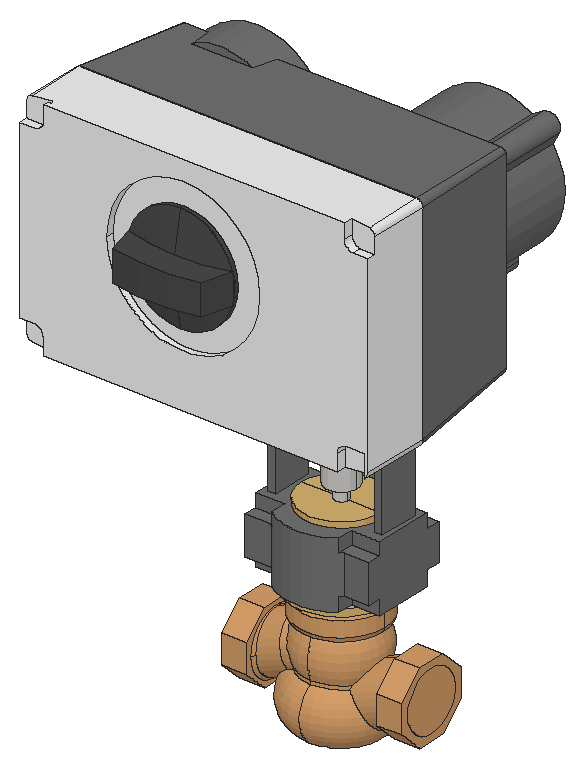
Revit family "VRB2_DN15-50_Internal_AMV(E) 438 SU_RFA_1", category Pipe Accessories, Revit 2019 (continued)
Definition of nested family "Schematic_2-Way Valve"
  Parameters (values of type "Schematic_2-Way Valve")
    L_1 = L / 3  # 53.333 mm
    L = 160 mm
    H = 136.8 mm
    D1 = 46.2 mm
  Reference planes
    plane 1 "Center (Front/Back)": y = 0
    plane 2: z = 0
    plane 3 "Center (Left/Right)": x = 0
    plane 4: z = 23.1
    plane 5: z = -23.1
    plane 6: x = -80
    plane 7: x = 80
    plane 8: x = 23.1
    plane 9: x = -23.1
    plane 10: y = 23.1
    plane 11: y = -23.1
    plane 12: z = 136.8
    plane 13: z = 83.467
    plane 14: x = 26.667
    plane 15: x = -26.667
    plane 16: y = 136.8
    plane 17: y = 83.467
  Lines and regions (mm)
    model lines
      curve 1: line (0, 0, 0) -> (80, 0, 23.1)
      curve 2: line (80, 0, 23.1) -> (80, 0, -23.1)
      curve 3: line (80, 0, -23.1) -> (0, 0, 0)
      curve 4: line (0, 0, 0) -> (-80, 0, 23.1)
      curve 5: line (-80, 0, 23.1) -> (-80, 0, -23.1)
      curve 6: line (-80, 0, -23.1) -> (0, 0, 0)
      curve 13: line (0, 0, 83.467) -> (0, 0, 0)
      curve 14: line (-26.667, 0, 136.8) -> (26.667, 0, 136.8)
      curve 15: line (-26.667, 0, 83.467) -> (-26.667, 0, 136.8)
      curve 16: line (26.667, 0, 83.467) -> (-26.667, 0, 83.467)
      curve 17: line (26.667, 0, 136.8) -> (26.667, 0, 83.467)
    symbolic lines
      curve 7: line (0, 0, 0) -> (80, 23.1, 0)
      curve 8: line (80, 23.1, 0) -> (80, -23.1, 0)
      curve 9: line (80, -23.1, 0) -> (0, 0, 0)
      curve 10: line (0, 0, 0) -> (-80, 23.1, 0)
      curve 11: line (-80, 23.1, 0) -> (-80, -23.1, 0)
      curve 12: line (-80, -23.1, 0) -> (0, 0, 0)
      curve 18: line (-26.667, 136.8, 0) -> (26.667, 136.8, 0)
      curve 19: line (-26.667, 83.467, 0) -> (-26.667, 136.8, 0)
      curve 20: line (26.667, 83.467, 0) -> (-26.667, 83.467, 0)
      curve 21: line (26.667, 136.8, 0) -> (26.667, 83.467, 0)
      curve 22: line (0, 0, 0) -> (0, 83.467, 0)
  Dimensions and locks
    "D1": plane 4 to plane 5
    equal spacing: plane 4, level, plane 5
    "D1": plane 8 to plane 9
    equal spacing: plane 8, plane 3 "Center (Left/Right)", plane 9
    plane 9 to plane 8 = 46.2 mm
    equal spacing: plane 9, plane 3 "Center (Left/Right)", plane 8
    "D1": plane 11 to plane 10
    equal spacing: plane 11, plane 1 "Center (Front/Back)", plane 10
    "L_1": plane 12 to plane 13
    "H": plane 12 to level
    "L_1": plane 14 to plane 15
    equal spacing: plane 14, plane 3 "Center (Left/Right)", plane 15
    "H": plane 1 "Center (Front/Back)" to plane 16
    "L_1": plane 17 to plane 16
    equal spacing: plane 15, plane 3 "Center (Left/Right)", plane 14
    plane 15 to plane 14 = 53.333 mm
    equal spacing: plane 7, plane 3 "Center (Left/Right)", plane 6
    "L": plane 7 to plane 6
    aligned and locked: level to plane 2
    aligned and locked: curve 2 to plane 7
    aligned and locked: curve 5 to plane 6
    aligned and locked: level to curve 13
    aligned and locked: curve 14 to plane 12
    aligned and locked: plane 15 to curve 15
    aligned and locked: curve 17 to plane 14
    aligned and locked: plane 17 to curve 22
    aligned and locked: plane 13 to curve 13
  Automatic sketch dimensions
    curve 10 to plane 6 = 0 mm
    curve 20 to plane 15 = 0 mm
    plane 1 "Center (Front/Back)" to curve 12 = 0 mm
    curve 12 to plane 3 "Center (Left/Right)" = 0 mm
    curve 18 to plane 14 = 0 mm
    curve 9 to plane 7 = 0 mm
    plane 11 to curve 9 = 0 mm
    plane 11 to curve 12 = 0 mm
    plane 10 to curve 10 = 0 mm
    plane 10 to curve 8 = 0 mm
    plane 16 to curve 18 = 0 mm
    curve 3 to plane 3 "Center (Left/Right)" = 0 mm
    curve 3 to plane 5 = 0 mm
    curve 6 to plane 5 = 0 mm
    curve 2 to plane 4 = 0 mm
    curve 4 to plane 4 = 0 mm
Types (10, lengths in mm): name | W2A | R_200 | L | Hmain | Ha | H_6 | H_10 | H_T2 | H_T1 | L_thread | H_5 | L_thread3 | Weight | W3B | W3A | W2 | W1 | V1 | H_9 | H_8 | L1 | Stroke | R1 | R3 | R_Flow Pipe | NT | L_thread2 | N1 | Model Type | Model | LM | LL | Kvs | H_Body Bottom | HT_Flow pipe | H_2_ve | H_2 | H_Body Top | HB_Flow Pipe | H1 | H_1 | H | D1 | D4 | D3 | D2 | D | NT1 | A2_Flow Pipe | A1_Flow pipe
  VRB2_DN32_Internal_Kvs16_065Z0238 | 18 | 29.8 | 112 | 95.3 | 226.5 | -33 | 0 | 5.5 | 6.5 | 11.5 | 30 | 27.5 | 1.43 kg | 20 | 12 | 12 | 26 | no | -5 | 8 | 12.5 | "15 mm" | 27 | 27 | 24 | 11.2 | 55 | 23 | "VRB2_DN32_Internal_Kvs16" | "065Z0238" | 87 | 56 | 16.0 m³/h | 33 | 6 | -24 | 24 | 28.5 | 5 | 75 | 42 | 259.5 | 58 | 45 | 52 | 42 | 32 | 9.699 | 165.00° | 163.00°
  VRB2_DN25_Internal_Kvs10_065Z0237 | 13 | 25 | 95 | 90.8 | 221.5 | -18 | 1.5 | 5.5 | 7 | 10 | 25 | 23 | 0.98 kg | 14 | 11 | 13 | 21 | no | -5 | 9 | 12 | "10 mm" | 21 | 23 | 19 | 11.25 | 46 | 20 | "VRB2_DN25_Internal_Kvs10" | "065Z0237" | 75 | 47.5 | 10.0 m³/h | 29 | 6 | -23.5 | 23.5 | 26 | 6 | 49.5 | 37 | 250.5 | 48 | 33.6 | 39.6 | 33.6 | 25 | 9.743 | 160.00° | 160.00°
  VRB2_DN20_Internal_Kvs6.3_065Z0236 | 13 | 22 | 80 | 87.3 | 219.5 | -15 | 0 | 5.3 | 5.5 | 8.5 | 22 | 20.5 | 0.77 kg | 10 | 9 | 13 | 18 | no | -5 | 10 | 12 | "10 mm" | 15.5 | 20.5 | 16.5 | 11.25 | 41 | 17 | "VRB2_DN20_Internal_Kvs6.3" | "065Z0236" | 56 | 40 | 6.3 m³/h | 29 | 4 | -24.5 | 24.5 | 25 | 6.314 | 44.5 | 35 | 248.5 | 42 | 31.4 | 35.4 | 29.4 | 20 | 9.743 | 158.00° | 158.00°
  VRB2_DN50_Internal_Kvs40_065Z0240 | 18 | 41.231 | 160 | 110.8 | 237.5 | -39 | 3 | 5.5 | 10.8 | 16 | 43 | 38 | 3.49 kg | 32 | 29 | 18 | 38 | yes | -10 | 10 | 17 | "15 mm" | 43 | 42 | 33 | 11.25 | 75 | 32 | "VRB2_DN50_Internal_Kvs40" | "065Z0240" | 131 | 80 | 40.0 m³/h | 44 | 7 | -28.5 | 28.5 | 46 | 6.314 | 82.5 | 53 | 282.8 | 80 | 49.2 | 56.2 | 46.2 | 50 | 9.743 | 168.00° | 165.00°
  VRB2_DN40_Internal_Kvs25_065Z0239 | 18 | 35.5 | 132 | 106.5 | 232.5 | -33 | 0 | 6 | 11 | 14 | 38 | 32.5 | 2.54 kg | 26 | 24 | 13 | 36 | yes | -5 | 8 | 14.5 | "15 mm" | 35 | 35 | 27 | 11.25 | 65 | 28 | "VRB2_DN40_Internal_Kvs25" | "065Z0239" | 107 | 66 | 25.0 m³/h | 43 | 6 | -23.5 | 23.5 | 40 | 8 | 75 | 48 | 275.5 | 66 | 45 | 52 | 42 | 40 | 9.743 | 158.00° | 163.00°
  VRB2_DN15_Internal_Kvs4.0_065Z0235 | 13 | 17.5 | 80 | 84.8 | 215.5 | -13 | 0 | 5.3 | 7 | 6.314 | 20 | 16 | 0.60 kg | 10.5 | 6 | 13 | 17 | no | -5 | 9 | 11 | "10 mm" | 13.5 | 18.5 | 13 | 11.25 | 33 | 13 | "VRB2_DN15_Internal_Kvs4.0" | "065Z0235" | 58 | 40 | 4.0 m³/h | 25 | 5 | -23.5 | 23.5 | 23 | 6.314 | 39.5 | 31 | 240.5 | 33 | 25.1 | 29.1 | 23.1 | 15 | 9.743 | 158.00° | 158.00°
  VRB2_DN15_Internal_Kvs2.5_065Z0234 | 13 | 17.5 | 80 | 84.8 | 215.5 | -13 | 0 | 5.3 | 7 | 6.314 | 20 | 16 | 0.60 kg | 10.5 | 6 | 13 | 17 | no | -5 | 9 | 11 | "10 mm" | 13.5 | 18.5 | 13 | 11.25 | 33 | 13 | "VRB2_DN15_Internal_Kvs2.5" | "065Z0234" | 58 | 40 | 2.5 m³/h | 25 | 5 | -23.5 | 23.5 | 23 | 6.314 | 39.5 | 31 | 240.5 | 33 | 25.1 | 29.1 | 23.1 | 15 | 9.743 | 158.00° | 158.00°
  VRB2_DN15_Internal_Kvs1.6_065Z0233 | 13 | 17.5 | 80 | 84.8 | 215.5 | -13 | 0 | 5.3 | 7 | 6.314 | 20 | 16 | 0.60 kg | 10.5 | 6 | 13 | 17 | no | -5 | 9 | 11 | "10 mm" | 13.5 | 18.5 | 13 | 11.25 | 33 | 13 | "VRB2_DN15_Internal_Kvs1.6" | "065Z0233" | 58 | 40 | 1.6 m³/h | 25 | 5 | -23.5 | 23.5 | 23 | 6.314 | 39.5 | 31 | 240.5 | 33 | 25.1 | 29.1 | 23.1 | 15 | 9.743 | 158.00° | 158.00°
  VRB2_DN15_Internal_Kvs1.0_065Z0232 | 13 | 17.5 | 80 | 84.8 | 215.5 | -13 | 0 | 5.3 | 7 | 6.314 | 20 | 16 | 0.60 kg | 10.5 | 6 | 13 | 17 | no | -5 | 9 | 11 | "10 mm" | 13.5 | 18.5 | 13 | 11.25 | 33 | 13 | "VRB2_DN15_Internal_Kvs1.0" | "065Z0232" | 58 | 40 | 1.0 m³/h | 25 | 5 | -23.5 | 23.5 | 23 | 6.314 | 39.5 | 31 | 240.5 | 33 | 25.1 | 29.1 | 23.1 | 15 | 9.743 | 158.00° | 158.00°
  VRB2_DN15_Internal_Kvs0.63_065Z0231 | 13 | 17.5 | 80 | 84.8 | 215.5 | -13 | 0 | 5.3 | 7 | 6.314 | 20 | 16 | 0.60 kg | 10.5 | 6 | 13 | 17 | no | -5 | 9 | 11 | "10 mm" | 13.5 | 18.5 | 13 | 11.25 | 33 | 13 | "VRB2_DN15_Internal_Kvs0.63" | "065Z0231" | 58 | 40 | 0.63 m³/h | 25 | 5 | -23.5 | 23.5 | 23 | 6.314 | 39.5 | 31 | 240.5 | 33 | 25.1 | 29.1 | 23.1 | 15 | 9.743 | 158.00° | 158.00°
